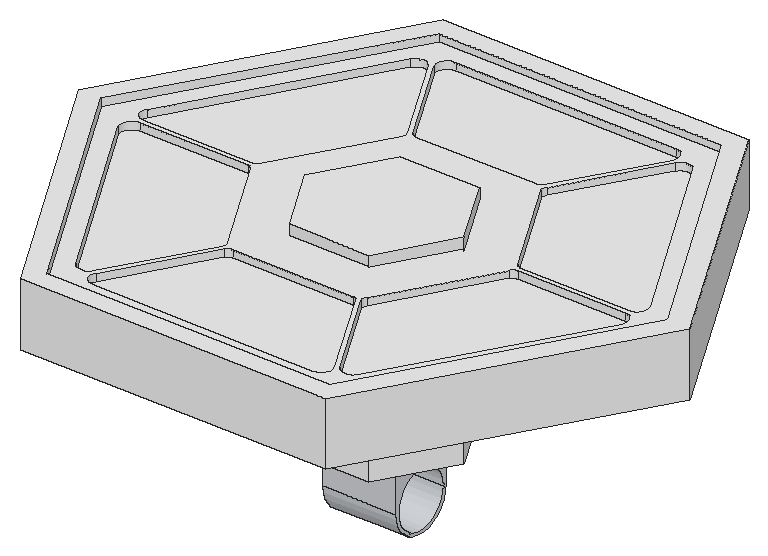
Revit family "Lighting-Industrial-GEWISS-ESALITE-HB-HIGHBAYS-LED_20K_DALI", category Apparecchi per illuminazione, host Superficie, Revit 2019
Family settings
  Host = Superficie
  Quota connettore circolare = Usa diametro
  Tipo di parte = Normale
  Taglio con vuoti quando caricato = No
  Sorgente d'illuminazione = No
  Condiviso = No
  Punto di calcolo locali = Sì
Parameters (values of type "GWS6345GD57K - ESALITE 20K ELL.5700K PLAF+V.GR.DALI")
  Weight (kg): = "7,5"
  Warranty = "5 years"
  Voltage- = "220/240 V - 50/60 Hz"
  Versions = "5700K cold light"
  Version file RFA = "20.11"
  VISIBILITA' SIMBOLO [instance] = yes
  VISIBILITA' LAMPADA PIANTA [instance] = not(VISIBILITA' SIMBOLO)  # no
  VISIBILITA' ETICHETTA [instance] = yes
  URL = "https://www.gewiss.com/ww/en"
  Technical sheet = "https://www.gewiss.com/ww/en/search?q=GWS6345GD57K"
  System power = "148W"
  Spostamento_y_effettivo_ET [instance] = 4000 mm - Spostamento_y_ET  # 2119.2 mm
  Spostamento_y_ET [instance] = 1880.8 mm
  Spostamento_X_effettivo_ET [instance] = 4000 mm - Spostamento_X_ET  # 3850.612 mm
  Spostamento_X_ET [instance] = 149.388 mm
  Shock resistance = "IK08"
  Shield type = "Tempered glass"
  SEO = "High bay"
  Realized by GEWISS S.p.A. = ""
  Default Elevation = 1219.2 mm
  Produttore = "GEWISS S.p.A."
  Potenza di sitema = "Wxxx"
  Overvoltage resistance : = "Common mode: 8KV; Differential mode: 6KV"
  Optic = "Elliptical"
  Operating temperature: = "-30 +50 °C"
  Nominal flux (lm) = "20000"
  Modello = "GWS6345GD57K"
  Lumen output (lm) = "15800"
  Life time L90B10 (Tq 50Â°C) = "49000H"
  Life time L90B10 (Tq 25Â°C) = "100000H"
  Lamp- = "LED - Not replaceable"
  LED current. = "0,7A"
  Insulation class = "I"
  IP degree = "IP66"
  IDT = "415c5c52712846538a688b8b90fb7a7c"
  IDF = "a686dcb8-7da7-4565-8cad-757d67f000f7"
  Electrocod = "2444"
  Efficiency class of integrated LEDs = "A ÷ A++"
  Driver type = "Driver Led Dali"
  Descrizione = "ESALITE 20K ELL.5700K PLAF+V.GR.DALI"
  Colour temperature: = "5700 K (CRI>80)"
  Colour = "Grey RAL 9006"
  Catalogue Range = "ESALITE HB - 20K"
  Catalogue = "LIGHTING"
  COBie.Tagnumber = ""
  COBie.CreatedOn = ""
  COBie.CreatebBy = ""
  COBie.ComponentRegisterItemID = ""
  COBie.Component.TagNumber = ""
  COBie.Component.Space = ""
  COBie.Component.SerialNumber = ""
  COBie.Component.InstallationDate = ""
  COBie.Component.Description = ""
  COBie.Component.BarCode = ""
  Application = "Indoor / Outdoor"
Types (25, lengths in mm): name | Versions | Technical sheet | Shock resistance | Shield type | Optic | Nominal flux (lm) | Modello | Lumen output (lm) | IP degree | IDT | Descrizione | Colour temperature: | Application
  (no name) | "5700K cold light" | "https://www.gewiss.com/ww/en/search?q=GWS6345GD57K" | "IK08" | "Tempered glass" | "Elliptical" | "20000" | "GWS6345GD57K" | "15800" | "IP66" | "415c5c52712846538a688b8b90fb7a7c" | "ESALITE 20K ELL.5700K PLAF+V.GR.DALI" | "5700 K (CRI>80)" | "Indoor / Outdoor"
  GWS6042GD - ESALITE 20K 30° 4000K PLAF.GR.DALI | "4000K natural light" | "https://www.gewiss.com/ww/en/search?q=GWS6042GD" | "IK06" | "Plastic" | "30°" | "20000" | "GWS6042GD" | "16800" | "IP65" | "880eaad8e4794eb582f97ddca6df7d5a" | "ESALITE 20K 30° 4000K PLAF.GR.DALI" | "4000 K (CRI>80)" | "Internal"
  GWS6042GD30K - ESALITE 20K 30° 3000K PLAF.GR.DALI | "3000K warm light" | "https://www.gewiss.com/ww/en/search?q=GWS6042GD30K" | "IK06" | "Plastic" | "30°" | "18000" | "GWS6042GD30K" | "15600" | "IP65" | "384c06cb263a4326af057043dfc2a4d5" | "ESALITE 20K 30° 3000K PLAF.GR.DALI" | "3000 K (CRI>80)" | "Internal"
  GWS6042GD57K - ESALITE 20K 30° 5700K PLAF.GR.DALI | "5700K cold light" | "https://www.gewiss.com/ww/en/search?q=GWS6042GD57K" | "IK06" | "Plastic" | "30°" | "20000" | "GWS6042GD57K" | "16800" | "IP65" | "1e282dc983594ed7a3e1ec8c0808bfe5" | "ESALITE 20K 30° 5700K PLAF.GR.DALI" | "5700 K (CRI>80)" | "Internal"
  GWS6043GD - ESALITE 20K 60° 4000K PLAF.GR.DALI | "4000K natural light" | "https://www.gewiss.com/ww/en/search?q=GWS6043GD" | "IK06" | "Plastic" | "60°" | "20000" | "GWS6043GD" | "17200" | "IP65" | "aa07067ae6024df0bcf250ee7b5e5463" | "ESALITE 20K 60° 4000K PLAF.GR.DALI" | "4000 K (CRI>80)" | "Internal"
  GWS6043GD30K - ESALITE 20K 60° 3000K PLAF.GR.DALI | "3000K warm light" | "https://www.gewiss.com/ww/en/search?q=GWS6043GD30K" | "IK06" | "Plastic" | "60°" | "18000" | "GWS6043GD30K" | "16000" | "IP65" | "17dd8901597549eeaaadfcb9283c137f" | "ESALITE 20K 60° 3000K PLAF.GR.DALI" | "3000 K (CRI>80)" | "Internal"
  GWS6043GD57K - ESALITE 20K 60° 5700K PLAF.GR.DALI | "5700K cold light" | "https://www.gewiss.com/ww/en/search?q=GWS6043GD57K" | "IK06" | "Plastic" | "60°" | "20000" | "GWS6043GD57K" | "17200" | "IP65" | "279cbf9dcd954207bebc93b580e3d05b" | "ESALITE 20K 60° 5700K PLAF.GR.DALI" | "5700 K (CRI>80)" | "Internal"
  GWS6044GD - ESALITE 20K 90° 4000K PLAF.GR.DALI | "4000K natural light" | "https://www.gewiss.com/ww/en/search?q=GWS6044GD" | "IK06" | "Plastic" | "90°" | "20000" | "GWS6044GD" | "18200" | "IP65" | "0adce0165cbe4528914b9b10b8e6a905" | "ESALITE 20K 90° 4000K PLAF.GR.DALI" | "4000 K (CRI>80)" | "Internal"
  GWS6044GD30K - ESALITE 20K 90° 3000K PLAF.GR.DALI | "3000K warm light" | "https://www.gewiss.com/ww/en/search?q=GWS6044GD30K" | "IK06" | "Plastic" | "90°" | "18000" | "GWS6044GD30K" | "16900" | "IP65" | "d04c1a66b773425b9b7e0e66c98c2c87" | "ESALITE 20K 90° 3000K PLAF.GR.DALI" | "3000 K (CRI>80)" | "Internal"
  GWS6044GD57K - ESALITE 20K 90° 5700K PLAF.GR.DALI | "5700K cold light" | "https://www.gewiss.com/ww/en/search?q=GWS6044GD57K" | "IK06" | "Plastic" | "90°" | "20000" | "GWS6044GD57K" | "18200" | "IP65" | "d498818d2ac74e5194b7835db621f0a9" | "ESALITE 20K 90° 5700K PLAF.GR.DALI" | "5700 K (CRI>80)" | "Internal"
  GWS6045GD - ESALITE 20K ELL.4000K PLAF.GR.DALI | "4000K natural light" | "https://www.gewiss.com/ww/en/search?q=GWS6045GD" | "IK06" | "Plastic" | "Elliptical" | "20000" | "GWS6045GD" | "17200" | "IP65" | "66cf32bb6a6d49c8a17b7d5726d9645a" | "ESALITE 20K ELL.4000K PLAF.GR.DALI" | "4000 K (CRI>80)" | "Internal"
  GWS6045GD30K - ESALITE 20K ELL.3000K PLAF.GR.DALI | "3000K warm light" | "https://www.gewiss.com/ww/en/search?q=GWS6045GD30K" | "IK06" | "Plastic" | "Elliptical" | "18000" | "GWS6045GD30K" | "16000" | "IP65" | "be23d94ca2984904a6e96351761f0e96" | "ESALITE 20K ELL.3000K PLAF.GR.DALI" | "3000 K (CRI>80)" | "Internal"
  GWS6045GD57K - ESALITE 20K ELL.5700K PLAF.GR.DALI | "5700K cold light" | "https://www.gewiss.com/ww/en/search?q=GWS6045GD57K" | "IK06" | "Plastic" | "Elliptical" | "20000" | "GWS6045GD57K" | "17200" | "IP65" | "10850e75e052475fbe325dcd5fce02fd" | "ESALITE 20K ELL.5700K PLAF.GR.DALI" | "5700 K (CRI>80)" | "Internal"
  GWS6342GD - ESALITE 20K 30° 4000K PLAF+V.GR.DALI | "4000K natural light" | "https://www.gewiss.com/ww/en/search?q=GWS6342GD" | "IK08" | "Tempered glass" | "30°" | "20000" | "GWS6342GD" | "15500" | "IP66" | "16f337152403456fad898dd83abc3509" | "ESALITE 20K 30° 4000K PLAF+V.GR.DALI" | "4000 K (CRI>80)" | "Indoor / Outdoor"
  GWS6342GD30K - ESALITE 20K 30° 3000K PLAF+V.GR.DALI | "3000K warm light" | "https://www.gewiss.com/ww/en/search?q=GWS6342GD30K" | "IK08" | "Tempered glass" | "30°" | "18000" | "GWS6342GD30K" | "14400" | "IP66" | "807957c586e4428688dbaca40c3c00b5" | "ESALITE 20K 30° 3000K PLAF+V.GR.DALI" | "3000 K (CRI>80)" | "Indoor / Outdoor"
  GWS6342GD57K - ESALITE 20K 30° 5700K PLAF+V.GR.DALI | "5700K cold light" | "https://www.gewiss.com/ww/en/search?q=GWS6342GD57K" | "IK08" | "Tempered glass" | "30°" | "20000" | "GWS6342GD57K" | "15500" | "IP66" | "1394dc32d5f74435a3c921ec5db42747" | "ESALITE 20K 30° 5700K PLAF+V.GR.DALI" | "5700 K (CRI>80)" | "Indoor / Outdoor"
  GWS6343GD - ESALITE 20K 60° 4000K PLAF+V.GR.DALI | "4000K natural light" | "https://www.gewiss.com/ww/en/search?q=GWS6343GD" | "IK08" | "Tempered glass" | "60°" | "20000" | "GWS6343GD" | "15800" | "IP66" | "37d943dab88a486090e3fdc8d03f270a" | "ESALITE 20K 60° 4000K PLAF+V.GR.DALI" | "4000 K (CRI>80)" | "Indoor / Outdoor"
  GWS6343GD30K - ESALITE 20K 60° 3000K PLAF+V.GR.DALI | "3000K warm light" | "https://www.gewiss.com/ww/en/search?q=GWS6343GD30K" | "IK08" | "Tempered glass" | "60°" | "18000" | "GWS6343GD30K" | "14700" | "IP66" | "acc1b5225d59497bbba888fd229a3827" | "ESALITE 20K 60° 3000K PLAF+V.GR.DALI" | "3000 K (CRI>80)" | "Indoor / Outdoor"
  GWS6343GD57K - ESALITE 20K 60° 5700K PLAF+V.GR.DALI | "5700K cold light" | "https://www.gewiss.com/ww/en/search?q=GWS6343GD57K" | "IK08" | "Tempered glass" | "60°" | "20000" | "GWS6343GD57K" | "15800" | "IP66" | "27dfa28f351e4784b88ef1cc8af6fd42" | "ESALITE 20K 60° 5700K PLAF+V.GR.DALI" | "5700 K (CRI>80)" | "Indoor / Outdoor"
  GWS6344GD - ESALITE 20K 90° 4000K PLAF+V.GR.DALI | "4000K natural light" | "https://www.gewiss.com/ww/en/search?q=GWS6344GD" | "IK08" | "Tempered glass" | "90°" | "20000" | "GWS6344GD" | "16800" | "IP66" | "3730ade835324ddf896dbd2aa5bb44e6" | "ESALITE 20K 90° 4000K PLAF+V.GR.DALI" | "4000 K (CRI>80)" | "Indoor / Outdoor"
  GWS6344GD30K - ESALITE 20K 90° 3000K PLAF+V.GR.DALI | "3000K warm light" | "https://www.gewiss.com/ww/en/search?q=GWS6344GD30K" | "IK08" | "Tempered glass" | "90°" | "18000" | "GWS6344GD30K" | "15600" | "IP66" | "4f9b2680a582441698625264f2d6d22b" | "ESALITE 20K 90° 3000K PLAF+V.GR.DALI" | "3000 K (CRI>80)" | "Indoor / Outdoor"
  GWS6344GD57K - ESALITE 20K 90° 5700K PLAF+V.GR.DALI | "5700K cold light" | "https://www.gewiss.com/ww/en/search?q=GWS6344GD57K" | "IK08" | "Tempered glass" | "90°" | "20000" | "GWS6344GD57K" | "16800" | "IP66" | "bc3930611de2443c9a8af0228a4624f1" | "ESALITE 20K 90° 5700K PLAF+V.GR.DALI" | "5700 K (CRI>80)" | "Indoor / Outdoor"
  GWS6345GD - ESALITE 20K ELL.4000K PLAF+V.GR.DALI | "4000K natural light" | "https://www.gewiss.com/ww/en/search?q=GWS6345GD" | "IK08" | "Tempered glass" | "Elliptical" | "20000" | "GWS6345GD" | "15800" | "IP66" | "5efb1e3d2c734afb9eb083dc03114954" | "ESALITE 20K ELL.4000K PLAF+V.GR.DALI" | "4000 K (CRI>80)" | "Indoor / Outdoor"
  GWS6345GD30K - ESALITE 20K ELL.3000K PLAF+V.GR.DALI | "3000K warm light" | "https://www.gewiss.com/ww/en/search?q=GWS6345GD30K" | "IK08" | "Tempered glass" | "Elliptical" | "18000" | "GWS6345GD30K" | "14700" | "IP66" | "2873994c86104030864cd9ef89535a6e" | "ESALITE 20K ELL.3000K PLAF+V.GR.DALI" | "3000 K (CRI>80)" | "Indoor / Outdoor"
  GWS6345GD57K - ESALITE 20K ELL.5700K PLAF+V.GR.DALI | "5700K cold light" | "https://www.gewiss.com/ww/en/search?q=GWS6345GD57K" | "IK08" | "Tempered glass" | "Elliptical" | "20000" | "GWS6345GD57K" | "15800" | "IP66" | "415c5c52712846538a688b8b90fb7a7c" | "ESALITE 20K ELL.5700K PLAF+V.GR.DALI" | "5700 K (CRI>80)" | "Indoor / Outdoor"
Reference planes
  plane 1 "Centro (Fronte/Retro)": y = 0
  plane 2: z = 0
  plane 3 "Centro (Sinistra/Destra)": x = 0
  plane 4: z = 123
  plane 5: x = 0
  plane 6: x = -3850.612
  plane 7: y = -2119.2
  plane 8: y = 0
  plane 9: through (-1779.2, -702.001, 1219.2) normal (0.4695, 0.8829, 0)
  plane 10: through (203.705, -1575.119, 1219.2) normal (-0.866, 0.5, 0)
  plane 11: x = -217.137
  plane 12: x = 217.137
  plane 13: y = 188.046
  plane 14: y = -188.046
Lines and regions (mm)
  symbolic lines, visible <- "VISIBILITA' LAMPADA PIANTA"
    curve 1: line (117.761, 188.046, 0) -> (-99.375, 188.046, 0)
    curve 2: line (-99.375, 188.046, 0) -> (-207.944, 0, 0)
    curve 3: line (-207.944, 0, 0) -> (-99.375, -188.046, 0)
    curve 4: line (-99.375, -188.046, 0) -> (117.761, -188.046, 0)
    curve 5: line (117.761, -188.046, 0) -> (226.33, 0, 0)
    curve 6: line (226.33, 0, 0) -> (117.761, 188.046, 0)
    curve 7: line (-91.542, 174.478, 0) -> (109.928, 174.478, 0)
    curve 8: line (109.928, 174.478, 0) -> (210.663, 0, 0)
    curve 9: line (210.663, 0, 0) -> (109.928, -174.478, 0)
    curve 10: line (109.928, -174.478, 0) -> (-91.542, -174.478, 0)
    curve 11: line (-91.542, -174.478, 0) -> (-192.277, 0, 0)
    curve 12: line (-192.277, 0, 0) -> (-91.542, 174.478, 0)
    curve 13: line (-69.317, 161.48, 0) -> (87.703, 161.48, 0)
    curve 14: arc (87.703, 161.48, 0) -> (94.2, 157.725, 0) -> (94.191, 150.22, 0) r 7.499
    curve 15: line (94.191, 150.22, 0) -> (55.952, 83.99, 0)
    curve 16: arc (55.952, 83.99, 0) -> (54.122, 82.16, 0) -> (51.623, 81.49, 0) r 4.999
    curve 17: line (51.623, 81.49, 0) -> (-33.237, 81.49, 0)
    curve 18: arc (-33.237, 81.49, 0) -> (-35.737, 82.16, 0) -> (-37.567, 83.99, 0) r 4.999
    curve 19: line (-37.567, 83.99, 0) -> (-75.817, 150.242, 0)
    curve 20: arc (-75.817, 150.242, 0) -> (-75.808, 157.736, 0) -> (-69.317, 161.48, 0) r 7.499
    curve 21: line (-169.901, 12.76, 0) -> (-91.404, 148.72, 0)
    curve 22: arc (-91.404, 148.72, 0) -> (-84.916, 152.481, 0) -> (-78.415, 148.742, 0) r 7.499
    curve 23: line (-78.415, 148.742, 0) -> (-40.164, 82.49, 0)
    curve 24: arc (-40.164, 82.49, 0) -> (-39.495, 79.99, 0) -> (-40.164, 77.49, 0) r 4.999
    curve 25: line (-40.164, 77.49, 0) -> (-82.594, 4, 0)
    curve 26: arc (-82.594, 4, 0) -> (-84.424, 2.17, 0) -> (-86.924, 1.5, 0) r 4.999
    curve 27: line (-86.924, 1.5, 0) -> (-163.413, 1.5, 0)
    curve 28: arc (-163.413, 1.5, 0) -> (-169.91, 5.255, 0) -> (-169.901, 12.76, 0) r 7.499
    curve 29: line (-91.391, -148.742, 0) -> (-169.914, -12.737, 0)
    curve 30: arc (-169.914, -12.737, 0) -> (-169.904, -5.244, 0) -> (-163.413, -1.5, 0) r 7.499
    curve 31: line (-163.413, -1.5, 0) -> (-86.924, -1.5, 0)
    curve 32: arc (-86.924, -1.5, 0) -> (-84.424, -2.169, 0) -> (-82.594, -3.999, 0) r 4.999
    curve 33: line (-82.594, -3.999, 0) -> (-40.164, -77.49, 0)
    curve 34: arc (-40.164, -77.49, 0) -> (-39.495, -79.99, 0) -> (-40.164, -82.489, 0) r 4.999
    curve 35: line (-40.164, -82.489, 0) -> (-78.415, -148.742, 0)
    curve 36: arc (-78.415, -148.742, 0) -> (-84.903, -152.48, 0) -> (-91.391, -148.742, 0) r 7.499
    curve 37: line (-33.237, -81.489, 0) -> (51.623, -81.489, 0)
    curve 38: arc (51.623, -81.489, 0) -> (54.122, -82.159, 0) -> (55.952, -83.989, 0) r 4.999
    curve 39: line (55.952, -83.989, 0) -> (94.191, -150.22, 0)
    curve 40: arc (94.191, -150.22, 0) -> (94.2, -157.724, 0) -> (87.703, -161.479, 0) r 7.499
    curve 41: line (87.703, -161.479, 0) -> (-69.317, -161.479, 0)
    curve 42: arc (-69.317, -161.479, 0) -> (-75.808, -157.735, 0) -> (-75.817, -150.242, 0) r 7.499
    curve 43: line (-75.817, -150.242, 0) -> (-37.567, -83.989, 0)
    curve 44: arc (-37.567, -83.989, 0) -> (-35.737, -82.159, 0) -> (-33.237, -81.489, 0) r 4.999
    curve 45: line (58.55, -77.49, 0) -> (100.98, -3.999, 0)
    curve 46: arc (100.98, -3.999, 0) -> (102.81, -2.169, 0) -> (105.31, -1.5, 0) r 4.999
    curve 47: line (105.31, -1.5, 0) -> (181.799, -1.5, 0)
    curve 48: arc (181.799, -1.5, 0) -> (188.296, -5.255, 0) -> (188.287, -12.759, 0) r 7.499
    curve 49: line (188.287, -12.759, 0) -> (109.79, -148.72, 0)
    curve 50: arc (109.79, -148.72, 0) -> (103.302, -152.48, 0) -> (96.801, -148.742, 0) r 7.499
    curve 51: line (96.801, -148.742, 0) -> (58.55, -82.489, 0)
    curve 52: arc (58.55, -82.489, 0) -> (57.88, -79.99, 0) -> (58.55, -77.49, 0) r 4.999
    curve 53: line (100.98, 4, 0) -> (58.55, 77.49, 0)
    curve 54: arc (58.55, 77.49, 0) -> (57.88, 79.99, 0) -> (58.55, 82.49, 0) r 4.999
    curve 55: line (58.55, 82.49, 0) -> (96.801, 148.742, 0)
    curve 56: arc (96.801, 148.742, 0) -> (103.302, 152.481, 0) -> (109.79, 148.72, 0) r 7.499
    curve 57: line (109.79, 148.72, 0) -> (188.287, 12.76, 0)
    curve 58: arc (188.287, 12.76, 0) -> (188.296, 5.255, 0) -> (181.799, 1.5, 0) r 7.499
    curve 59: line (181.799, 1.5, 0) -> (105.31, 1.5, 0)
    curve 60: arc (105.31, 1.5, 0) -> (102.81, 2.17, 0) -> (100.98, 4, 0) r 4.999
    curve 121: line (-217.137, 0, 199.205) -> (217.137, 0, 199.205)
    curve 122: line (-217.137, 0, 152.205) -> (-217.137, 0, 199.205)
    curve 123: line (217.137, 0, 152.205) -> (-217.137, 0, 152.205)
    curve 124: line (217.137, 0, 199.205) -> (217.137, 0, 152.205)
    curve 125: line (-56.644, 0, 152.205) -> (56.76, 0, 152.205)
    curve 126: line (-56.644, 0, 55) -> (-56.644, 0, 152.205)
    curve 127: line (56.76, 0, 55) -> (-56.644, 0, 55)
    curve 128: line (56.76, 0, 152.205) -> (56.76, 0, 55)
    curve 129: line (-28.293, 0, 55) -> (26.009, 0, 55)
    curve 130: line (-28.293, 0, -0.589) -> (-28.293, 0, 55)
    curve 131: line (26.009, 0, -0.589) -> (-28.293, 0, -0.589)
    curve 132: line (26.009, 0, 55) -> (26.009, 0, -0.589)
  symbolic lines, visible <- "VISIBILITA' LAMPADA PIANTA", not visible
    curve 61: line (647.886, 853, 0) -> (430.75, 853, 0)
    curve 62: line (430.75, 853, 0) -> (322.181, 664.955, 0)
    curve 63: line (322.181, 664.955, 0) -> (430.75, 476.909, 0)
    curve 64: line (430.75, 476.909, 0) -> (647.886, 476.909, 0)
    curve 65: line (647.886, 476.909, 0) -> (756.454, 664.955, 0)
    curve 66: line (756.454, 664.955, 0) -> (647.886, 853, 0)
    curve 67: line (438.583, 839.433, 0) -> (640.053, 839.433, 0)
    curve 68: line (640.053, 839.433, 0) -> (740.788, 664.955, 0)
    curve 69: line (740.788, 664.955, 0) -> (640.053, 490.477, 0)
    curve 70: line (640.053, 490.477, 0) -> (438.583, 490.477, 0)
    curve 71: line (438.583, 490.477, 0) -> (337.848, 664.955, 0)
    curve 72: line (337.848, 664.955, 0) -> (438.583, 839.433, 0)
    curve 73: line (460.808, 826.434, 0) -> (617.828, 826.434, 0)
    curve 74: arc (617.828, 826.434, 0) -> (624.325, 822.679, 0) -> (624.316, 815.175, 0) r 7.499
    curve 75: line (624.316, 815.175, 0) -> (586.077, 748.944, 0)
    curve 76: arc (586.077, 748.944, 0) -> (584.247, 747.114, 0) -> (581.748, 746.444, 0) r 4.999
    curve 77: line (581.748, 746.444, 0) -> (496.888, 746.444, 0)
    curve 78: arc (496.888, 746.444, 0) -> (494.388, 747.114, 0) -> (492.558, 748.944, 0) r 4.999
    curve 79: line (492.558, 748.944, 0) -> (454.307, 815.197, 0)
    curve 80: arc (454.307, 815.197, 0) -> (454.317, 822.69, 0) -> (460.808, 826.434, 0) r 7.499
    curve 81: line (360.224, 677.714, 0) -> (438.721, 813.675, 0)
    curve 82: arc (438.721, 813.675, 0) -> (445.209, 817.435, 0) -> (451.71, 813.697, 0) r 7.499
    curve 83: line (451.71, 813.697, 0) -> (489.961, 747.444, 0)
    curve 84: arc (489.961, 747.444, 0) -> (490.63, 744.944, 0) -> (489.961, 742.445, 0) r 4.999
    curve 85: line (489.961, 742.445, 0) -> (447.531, 668.954, 0)
    curve 86: arc (447.531, 668.954, 0) -> (445.701, 667.124, 0) -> (443.201, 666.454, 0) r 4.999
    curve 87: line (443.201, 666.454, 0) -> (366.712, 666.454, 0)
    curve 88: arc (366.712, 666.454, 0) -> (360.214, 670.209, 0) -> (360.224, 677.714, 0) r 7.499
    curve 89: line (438.734, 516.213, 0) -> (360.211, 652.217, 0)
    curve 90: arc (360.211, 652.217, 0) -> (360.221, 659.711, 0) -> (366.712, 663.455, 0) r 7.499
    curve 91: line (366.712, 663.455, 0) -> (443.201, 663.455, 0)
    curve 92: arc (443.201, 663.455, 0) -> (445.701, 662.785, 0) -> (447.531, 660.955, 0) r 4.999
    curve 93: line (447.531, 660.955, 0) -> (489.961, 587.464, 0)
    curve 94: arc (489.961, 587.464, 0) -> (490.63, 584.965, 0) -> (489.961, 582.465, 0) r 4.999
    curve 95: line (489.961, 582.465, 0) -> (451.71, 516.213, 0)
    curve 96: arc (451.71, 516.213, 0) -> (445.222, 512.474, 0) -> (438.734, 516.213, 0) r 7.499
    curve 97: line (496.888, 583.465, 0) -> (581.748, 583.465, 0)
    curve 98: arc (581.748, 583.465, 0) -> (584.247, 582.795, 0) -> (586.077, 580.965, 0) r 4.999
    curve 99: line (586.077, 580.965, 0) -> (624.316, 514.735, 0)
    curve 100: arc (624.316, 514.735, 0) -> (624.325, 507.23, 0) -> (617.828, 503.475, 0) r 7.499
    curve 101: line (617.828, 503.475, 0) -> (460.808, 503.475, 0)
    curve 102: arc (460.808, 503.475, 0) -> (454.317, 507.219, 0) -> (454.307, 514.713, 0) r 7.499
    curve 103: line (454.307, 514.713, 0) -> (492.558, 580.965, 0)
    curve 104: arc (492.558, 580.965, 0) -> (494.388, 582.795, 0) -> (496.888, 583.465, 0) r 4.999
    curve 105: line (588.675, 587.464, 0) -> (631.105, 660.955, 0)
    curve 106: arc (631.105, 660.955, 0) -> (632.935, 662.785, 0) -> (635.434, 663.455, 0) r 4.999
    curve 107: line (635.434, 663.455, 0) -> (711.924, 663.455, 0)
    curve 108: arc (711.924, 663.455, 0) -> (718.421, 659.7, 0) -> (718.412, 652.195, 0) r 7.499
    curve 109: line (718.412, 652.195, 0) -> (639.915, 516.234, 0)
    curve 110: arc (639.915, 516.234, 0) -> (633.427, 512.474, 0) -> (626.926, 516.213, 0) r 7.499
    curve 111: line (626.926, 516.213, 0) -> (588.675, 582.465, 0)
    curve 112: arc (588.675, 582.465, 0) -> (588.005, 584.965, 0) -> (588.675, 587.464, 0) r 4.999
    curve 113: line (631.105, 668.954, 0) -> (588.675, 742.445, 0)
    curve 114: arc (588.675, 742.445, 0) -> (588.005, 744.944, 0) -> (588.675, 747.444, 0) r 4.999
    curve 115: line (588.675, 747.444, 0) -> (626.926, 813.697, 0)
    curve 116: arc (626.926, 813.697, 0) -> (633.427, 817.435, 0) -> (639.915, 813.675, 0) r 7.499
    curve 117: line (639.915, 813.675, 0) -> (718.412, 677.714, 0)
    curve 118: arc (718.412, 677.714, 0) -> (718.421, 670.209, 0) -> (711.924, 666.454, 0) r 7.499
    curve 119: line (711.924, 666.454, 0) -> (635.434, 666.454, 0)
    curve 120: arc (635.434, 666.454, 0) -> (632.935, 667.124, 0) -> (631.105, 668.954, 0) r 4.999
Text (mm)
  text "B-A=C" at (-2005.323, -1167.131, 0), in view "Livello rif."
  text "D+A-C=B" at (1746.792, 582.509, 0), in view "Livello rif."
Dimensions and locks
  "Spostamento_X_effettivo_ET": plane 6 to plane 5
  plane 6 to plane 3 "Centro (Sinistra/Destra)" = 3850.612 mm
  "Spostamento_y_effettivo_ET": plane 8 to plane 7
  plane 1 "Centro (Fronte/Retro)" to plane 7 = 2119.2 mm
  plane 11 to plane 12 = 434.273 mm
  plane 13 to plane 14 = 376.092 mm
  angle plane 9 to plane 7 = 28.00°
  angle plane 7 to plane 6 = 90.00°
  aligned and locked: plane 2 to host face
  aligned and locked: level to host face
  aligned and locked: plane 5 to nested 1
  aligned and locked: nested 1 to plane 8
Automatic sketch dimensions
  host sketch curve to host sketch curve = 2438.4 mm  (x2)
  curve 123 to plane 11 = 0 mm
  curve 123 to plane 12 = 0 mm
  curve 126 to plane 3 "Centro (Sinistra/Destra)" = 56.644 mm
  curve 130 to level = 0.589 mm
  curve 130 to plane 3 "Centro (Sinistra/Destra)" = 28.293 mm
  plane 3 "Centro (Sinistra/Destra)" to curve 132 = 26.009 mm
  plane 3 "Centro (Sinistra/Destra)" to curve 128 = 56.76 mm
  level to curve 130 = 55 mm
  curve 128 to curve 129 = 0 mm
  curve 126 to plane 4 = 29.205 mm
  curve 124 to plane 4 = 29.205 mm
  curve 123 to curve 124 = 47 mm
Nested families
  nested 1: "etichetta Potenza Lampada" at (0, 0, 0), visible <- "VISIBILITA' ETICHETTA", type "etichetta Potenza Lampada"
  nested 2: "xESALITE HB 20K SOSPENSIONE_base" at (0, 0, 0), type "Tipo 1"
  nested 3: "esalight hb simb" at (-10, 0, 122.205) x (1, 0, 0) z (0, -1, 0), visible <- "VISIBILITA' SIMBOLO", type "esalight hb simb"
  nested 4: "esalight hb simb" at (0, 0, 0), visible <- "VISIBILITA' SIMBOLO", type "esalight hb simb"
Definition of nested family "xESALITE HB 20K SOSPENSIONE_base"
  Parameters (values of type "Tipo 1")
    Schermatura interna = none
    LED = none
    Corpo luce = none
  Types (2): name
    Tipo 1
    xESALITE HB 12K SOSPENSIONE_base
  Reference planes
    plane 1 "Centro (Fronte/Retro)": y = 0
    plane 2: z = 0
    plane 3 "Centro (Sinistra/Destra)": x = 0
    plane 4: x = -145.163
    plane 5: x = 145.28
    plane 6: y = 126.226
    plane 7: y = -125.856
    plane 8: y = 55.469
    plane 9: y = -55.099
    plane 10: x = -63.671
    plane 11: x = 63.788
    plane 12: y = -123.856
    plane 13: y = 124.226
    plane 14: y = -112.535
    plane 15: y = 112.905
    plane 16: y = -22
    plane 17: y = 22
    plane 18: y = -108.017
    plane 19: y = 108.387
    plane 20: through (-28.293, 49.29, 1200) normal (0.866, -0.5, 0)
    plane 21: y = 49.29
    plane 22: through (28.409, 49.29, 1200) normal (0.866, 0.5, 0)
    plane 23: through (28.409, -48.92, 1200) normal (-0.866, 0.5, 0)
    plane 24: y = -48.92
    plane 25: through (-56.644, 0.185, 1200) normal (0.866, 0.5, 0)
    plane 26: through (-31.86, 55.469, 1200) normal (0.866, -0.5, 0)
    plane 27: through (-63.778, 0.185, 1200) normal (0.866, 0.5, 0)
    plane 28: y = -55.099
    plane 29: through (63.894, 0.185, 1200) normal (0.866, -0.5, 0)
    plane 30: through (63.894, 0.185, 1200) normal (-0.866, -0.5, 0)
    plane 31: y = 55.469
    plane 32: z = 123.439
    plane 33: through (-65.51, 1.185, 1200) normal (-0.866, 0.5, 0)
    plane 34: through (-33.592, -56.099, 1200) normal (-0.866, -0.5, 0)
    plane 35: through (-65.51, 1.185, 1200) normal (-0.866, 0.5, 0)
    plane 36: y = 57.469
    plane 37: through (33.708, 56.469, 1200) normal (0.866, 0.5, 0)
    plane 38: through (65.626, -0.815, 1200) normal (0.866, -0.5, 0)
    plane 39: y = -57.099
    plane 40: y = -1
    plane 41: y = 1
    plane 42: x = -1
    plane 43: x = 0
    plane 44: y = 105.387
    plane 45: y = -105.017
    plane 46: z = 130
    plane 47: y = -103.017
    plane 48: y = 103.387
    plane 49: x = 1
    plane 50: through (-108.857, 187.546, 1200) normal (0.866, -0.5, 0)
    plane 51: y = 188.046
    plane 52: y = 174.478
    plane 53: through (-101.456, 173.228, 1200) normal (0.866, -0.5, 0)
    plane 54: through (-216.848, -0.5, 1200) normal (0.866, 0.5, 0)
    plane 55: through (-200.748, -1.25, 1200) normal (0.866, 0.5, 0)
    plane 56: y = -188.046
    plane 57: y = -174.478
    plane 58: y = 188.046
    plane 59: y = 174.478
    plane 60: through (200.748, 1.25, 1200) normal (-0.866, -0.5, 0)
    plane 61: through (216.848, 0.5, 1200) normal (-0.866, -0.5, 0)
    plane 62: through (108.857, -187.546, 1200) normal (-0.866, 0.5, 0)
    plane 63: through (101.456, -173.228, 1200) normal (-0.866, 0.5, 0)
    plane 64: z = 89
    plane 65: z = 134
    plane 66: z = 108.133
    plane 67: z = 123.439
    plane 68: z = 117.439
    plane 69: z = 128.439
    plane 70: z = 27.205
    plane 71: z = 152.205
    plane 72: z = 197.205
    plane 73: z = 199.205
    plane 74: z = 192.205
    plane 75: z = 182.205
    plane 76: z = 187.205
    plane 77: z = 184.113
  Forms (mm)
    Extrusion 1, solid, material <- "Corpo luce"
      sketch origin (0, 0, 0) x (1, 0, 0) y (0, 1, 0)
        loop
          line (-28.293, 49.29) -> (-56.644, 0.185) -> (-28.293, -48.92) -> (28.409, -48.92) -> (56.76, 0.185) -> (28.409, 49.29) -> (-28.293, 49.29)
      from 199.205 to 55
    Extrusion 2, solid
      sketch origin (0, 0, 0) x (0, 1, 0) y (0, 0, 1)
        loop
          arc (-22, 21.411) -> (0, -0.589) -> (22, 21.411) r 22
          line (22, 21.411) -> (22, 55) -> (-22, 55) -> (-22, 21.411)
        loop
          circle (0, 21.411) r 20
      from -26.009 to 26.009
    Extrusion 3, solid, material <- "Corpo luce"
      sketch origin (0, 0, 0) x (1, 0, 0) y (0, 1, 0)
        loop
          line (108.568, -188.046) -> (217.137, 0) -> (108.568, 188.046) -> (-108.568, 188.046) -> (-217.137, 0) -> (-108.568, -188.046) -> (108.568, -188.046)
        loop
          line (100.735, -174.478) -> (201.47, 0) -> (100.735, 174.478) -> (-100.735, 174.478) -> (-201.47, 0) -> (-100.735, -174.478) -> (100.735, -174.478)
      from 152.205 to 197.205
    Extrusion 4, solid, material <- "Corpo luce"
      sketch origin (0, 0, 0) x (1, 0, 0) y (0, 1, 0)
        loop
          line (-201.47, 0) -> (-100.735, -174.478) -> (100.735, -174.478) -> (201.47, 0) -> (100.735, 174.478) -> (-100.735, 174.478) -> (-201.47, 0)
        loop
          line (-28.293, 49.29) -> (-56.644, 0.185) -> (-28.293, -48.92) -> (28.409, -48.92) -> (56.76, 0.185) -> (28.409, 49.29) -> (-28.293, 49.29)
      from 182.205 to 192.205
    Extrusion 5, void
      sketch origin (0, 0, 0) x (1, 0, 0) y (0, 1, 0)
        loop
          line (-100.597, 148.72) -> (-179.094, 12.76)
          arc (-179.094, 12.76) -> (-179.103, 5.255) -> (-172.606, 1.5) r 7.499
          line (-172.606, 1.5) -> (-96.117, 1.5)
          arc (-96.117, 1.5) -> (-93.617, 2.17) -> (-91.787, 4) r 4.999
          line (-91.787, 4) -> (-49.357, 77.49)
          arc (-49.357, 77.49) -> (-48.687, 79.99) -> (-49.357, 82.49) r 4.999
          line (-49.357, 82.49) -> (-87.608, 148.742)
          arc (-87.608, 148.742) -> (-94.109, 152.481) -> (-100.597, 148.72) r 7.499
        loop
          line (78.51, 161.48) -> (-78.51, 161.48)
          arc (-78.51, 161.48) -> (-85.001, 157.736) -> (-85.01, 150.242) r 7.499
          line (-85.01, 150.242) -> (-46.759, 83.99)
          arc (-46.759, 83.99) -> (-44.93, 82.16) -> (-42.43, 81.49) r 4.999
          line (-42.43, 81.49) -> (42.43, 81.49)
          arc (42.43, 81.49) -> (44.93, 82.16) -> (46.759, 83.99) r 4.999
          line (46.759, 83.99) -> (84.998, 150.22)
          arc (84.998, 150.22) -> (85.007, 157.725) -> (78.51, 161.48) r 7.499
        loop
          arc (49.357, 82.49) -> (48.687, 79.99) -> (49.357, 77.49) r 4.999
          line (49.357, 77.49) -> (91.787, 4)
          arc (91.787, 4) -> (93.617, 2.17) -> (96.117, 1.5) r 4.999
          line (96.117, 1.5) -> (172.606, 1.5)
          arc (172.606, 1.5) -> (179.103, 5.255) -> (179.094, 12.76) r 7.499
          line (179.094, 12.76) -> (100.597, 148.72)
          arc (100.597, 148.72) -> (94.109, 152.481) -> (87.608, 148.742) r 7.499
          line (87.608, 148.742) -> (49.357, 82.49)
        loop
          line (49.357, -82.489) -> (87.608, -148.742)
          arc (87.608, -148.742) -> (94.109, -152.48) -> (100.597, -148.72) r 7.499
          line (100.597, -148.72) -> (179.094, -12.759)
          arc (179.094, -12.759) -> (179.103, -5.255) -> (172.606, -1.5) r 7.499
          line (172.606, -1.5) -> (96.117, -1.5)
          arc (96.117, -1.5) -> (93.617, -2.169) -> (91.787, -3.999) r 4.999
          line (91.787, -3.999) -> (49.357, -77.49)
          arc (49.357, -77.49) -> (48.687, -79.99) -> (49.357, -82.489) r 4.999
        loop
          arc (-42.43, -81.489) -> (-44.93, -82.159) -> (-46.759, -83.989) r 4.999
          line (-46.759, -83.989) -> (-85.01, -150.242)
          arc (-85.01, -150.242) -> (-85.001, -157.735) -> (-78.51, -161.479) r 7.499
          line (-78.51, -161.479) -> (78.51, -161.479)
          arc (78.51, -161.479) -> (85.007, -157.724) -> (84.998, -150.22) r 7.499
          line (84.998, -150.22) -> (46.759, -83.989)
          arc (46.759, -83.989) -> (44.93, -82.159) -> (42.43, -81.489) r 4.999
          line (42.43, -81.489) -> (-42.43, -81.489)
        loop
          arc (-91.787, -3.999) -> (-93.617, -2.169) -> (-96.117, -1.5) r 4.999
          line (-96.117, -1.5) -> (-172.606, -1.5)
          arc (-172.606, -1.5) -> (-179.097, -5.244) -> (-179.107, -12.737) r 7.499
          line (-179.107, -12.737) -> (-100.584, -148.742)
          arc (-100.584, -148.742) -> (-94.096, -152.48) -> (-87.608, -148.742) r 7.499
          line (-87.608, -148.742) -> (-49.357, -82.489)
          arc (-49.357, -82.489) -> (-48.687, -79.99) -> (-49.357, -77.49) r 4.999
          line (-49.357, -77.49) -> (-91.787, -3.999)
      from 187.205 to 192.205
  Cuts and joins
    Extrusion 5 cuts Extrusion 4
  Lines and regions (mm)
    symbolic lines
      curve 1: line (0, 188.046, 0) -> (0, 193.046, 0)
  Dimensions and locks
    locked: plane 6 to plane 13 at 2
    locked: plane 7 to plane 12 at 2
    locked: plane 15 to plane 13 at 11.321
    locked: plane 12 to plane 14 at 11.321
    equal spacing: Extrusion 2, plane 3 "Centro (Sinistra/Destra)", Extrusion 2
    plane 4 to plane 5 = 290.443 mm
    plane 7 to plane 6 = 252.082 mm
    Extrusion 1 to plane 70 = 172 mm
    plane 72 to plane 71 = 45 mm
    locked: plane 72 to plane 74 at 5
    locked: plane 74 to plane 75 at 10
    locked: plane 74 to plane 76 at 5
    locked: plane 76 to plane 77 at 3.092
    aligned and locked: level to plane 2
    aligned and locked: Extrusion 2 sketch curve to plane 16
    aligned and locked: Extrusion 2 sketch curve to plane 17
    aligned and locked: plane 1 "Centro (Fronte/Retro)" to Extrusion 2 sketch curve
    aligned and locked: Extrusion 1 sketch curve to plane 20
    aligned and locked: Extrusion 1 sketch curve to plane 25
    aligned and locked: Extrusion 1 sketch curve to plane 24
    aligned and locked: Extrusion 1 sketch curve to plane 23
    aligned and locked: Extrusion 1 sketch curve to plane 22
    aligned and locked: Extrusion 1 sketch curve to plane 21
    aligned and locked: Extrusion 1 to plane 73
    aligned and locked: Extrusion 3 to plane 72
    aligned and locked: plane 71 to Extrusion 3
    aligned and locked: Extrusion 4 to plane 74
    aligned and locked: Extrusion 4 to plane 75
    aligned and locked: Extrusion 4 to Extrusion 5
    aligned and locked: plane 76 to Extrusion 5
  Automatic sketch dimensions
    curve 1 to plane 3 "Centro (Sinistra/Destra)" = 0 mm
    curve 1 to plane 51 = 0 mm
    curve 1 to curve 1 = 5 mm
    Extrusion 2 sketch curve to Extrusion 2 sketch curve = 0 mm
    plane 70 to Extrusion 2 sketch curve = 5.795 mm
    Extrusion 2 sketch curve to plane 70 = 27.795 mm
    plane 50 to Extrusion 3 sketch curve = 0 mm  (x2)
    Extrusion 3 sketch curve to plane 54 = 0 mm  (x2)
    plane 53 to Extrusion 3 sketch curve = 0 mm  (x2)
    Extrusion 3 sketch curve to plane 55 = 0 mm  (x2)
    Extrusion 3 sketch curve to plane 56 = 0 mm
    Extrusion 3 sketch curve to plane 51 = 0 mm
    Extrusion 3 sketch curve to plane 57 = 0 mm
    Extrusion 3 sketch curve to plane 52 = 0 mm
    Extrusion 3 sketch curve to plane 63 = 0 mm
    plane 60 to Extrusion 3 sketch curve = 0 mm  (x2)
    plane 61 to Extrusion 3 sketch curve = 0 mm  (x2)
    Extrusion 3 sketch curve to plane 62 = 0 mm
    plane 63 to Extrusion 3 sketch curve = 0 mm
    plane 62 to Extrusion 3 sketch curve = 0 mm
    plane 53 to Extrusion 4 sketch curve = 0 mm  (x2)
    Extrusion 4 sketch curve to plane 55 = 0 mm  (x2)
    Extrusion 4 sketch curve to plane 52 = 0 mm
    Extrusion 4 sketch curve to plane 57 = 0 mm
    Extrusion 4 sketch curve to plane 20 = 0 mm
    Extrusion 4 sketch curve to plane 25 = 0 mm  (x2)
    plane 20 to Extrusion 4 sketch curve = 0 mm
    Extrusion 4 sketch curve to plane 21 = 0 mm
    Extrusion 4 sketch curve to plane 24 = 0 mm
    Extrusion 4 sketch curve to plane 22 = 0 mm  (x2)
    Extrusion 4 sketch curve to plane 23 = 0 mm  (x2)
    plane 60 to Extrusion 4 sketch curve = 0 mm  (x2)
    Extrusion 4 sketch curve to plane 63 = 0 mm
    plane 63 to Extrusion 4 sketch curve = 0 mm
    Extrusion 5 sketch curve to plane 16 = 9.263 mm
    plane 4 to Extrusion 5 sketch curve = 33.943 mm
    plane 17 to Extrusion 5 sketch curve = 9.24 mm  (x2)
    Extrusion 5 sketch curve to Extrusion 5 sketch curve = 0.013 mm
    Extrusion 5 sketch curve to Extrusion 5 sketch curve = 6.501 mm  (x6)
    Extrusion 5 sketch curve to plane 41 = 0.5 mm  (x2)
    Extrusion 5 sketch curve to Extrusion 5 sketch curve = 0 mm  (x10)
    plane 10 to Extrusion 5 sketch curve = 36.926 mm
    plane 10 to Extrusion 5 sketch curve = 36.913 mm
    plane 40 to Extrusion 5 sketch curve = 0.5 mm  (x2)
    plane 10 to Extrusion 5 sketch curve = 32.445 mm
    Extrusion 5 sketch curve to Extrusion 5 sketch curve = 6.488 mm  (x9)
    Extrusion 5 sketch curve to plane 41 = 3 mm  (x2)
    Extrusion 5 sketch curve to Extrusion 5 sketch curve = 4.33 mm  (x11)
    plane 40 to Extrusion 5 sketch curve = 2.999 mm  (x2)
    Extrusion 5 sketch curve to Extrusion 5 sketch curve = 2.598 mm  (x8)
    Extrusion 5 sketch curve to plane 10 = 9.984 mm  (x2)
    plane 11 to Extrusion 5 sketch curve = 21.358 mm  (x2)
    Extrusion 5 sketch curve to plane 11 = 14.722 mm  (x2)
    Extrusion 5 sketch curve to Extrusion 5 sketch curve = 2.61 mm  (x2)
    Extrusion 5 sketch curve to plane 11 = 28 mm
    plane 7 to Extrusion 5 sketch curve = 22.864 mm
    plane 6 to Extrusion 5 sketch curve = 22.495 mm
    Extrusion 5 sketch curve to plane 5 = 27.326 mm
    Extrusion 5 sketch curve to plane 16 = 9.241 mm
    plane 7 to Extrusion 5 sketch curve = 22.886 mm
    Extrusion 5 sketch curve to Extrusion 5 sketch curve = 0.022 mm
    Extrusion 5 sketch curve to Extrusion 5 sketch curve = 1.478 mm  (x2)
    Extrusion 5 sketch curve to Extrusion 5 sketch curve = 1.5 mm  (x6)
    Extrusion 5 sketch curve to Extrusion 5 sketch curve = 3.76 mm  (x2)
    plane 47 to Extrusion 5 sketch curve = 16.529 mm  (x2)
    Extrusion 5 sketch curve to Extrusion 5 sketch curve = 2.5 mm  (x5)
    plane 36 to Extrusion 5 sketch curve = 20.022 mm  (x2)
    Extrusion 5 sketch curve to Extrusion 5 sketch curve = 1 mm
    Extrusion 5 sketch curve to Extrusion 5 sketch curve = 3.739 mm  (x3)
    plane 6 to Extrusion 5 sketch curve = 18.756 mm
    radius of Extrusion 2 sketch curve = 20 mm
Definition of nested family "etichetta Potenza Lampada"
  Parameters (values of type "etichetta Potenza Lampada")
    potenza lampada = "Wxxx"
  Reference planes
    plane 1: y = 0
    plane 2: x = 0
  Text (mm)
    label "QE" at (0.073, -0.194, 0), shows "potenza lampada"
Definition of nested family "esalight hb simb"
  Reference planes
    plane 1 "Centro (Fronte/Retro)": y = 0
    plane 2: z = 0
    plane 3 "Centro (Sinistra/Destra)": x = 0
  Lines and regions (mm)
    detail lines, in view "Livello rif."
      curve 1: line (0, 77.5, 0) -> (0, -72.5, 0)
      curve 2: arc (0, 77.5, 0) -> (75, 2.5, 0) -> (0, -72.5, 0) r 75
      curve 3: line (84.5, 45.846, 0) -> (142.251, 79.189, 0)
      curve 4: line (162.442, 90.846, 0) -> (139.127, 84.599, 0)
      curve 5: line (162.442, 90.846, 0) -> (145.374, 73.779, 0)
      curve 6: line (139.127, 84.599, 0) -> (145.374, 73.779, 0)
      curve 7: line (84.5, -50.846, 0) -> (142.251, -84.189, 0)
      curve 8: line (162.442, -95.846, 0) -> (139.127, -89.599, 0)
      curve 9: line (162.442, -95.846, 0) -> (145.374, -78.779, 0)
      curve 10: line (139.127, -89.599, 0) -> (145.374, -78.779, 0)
